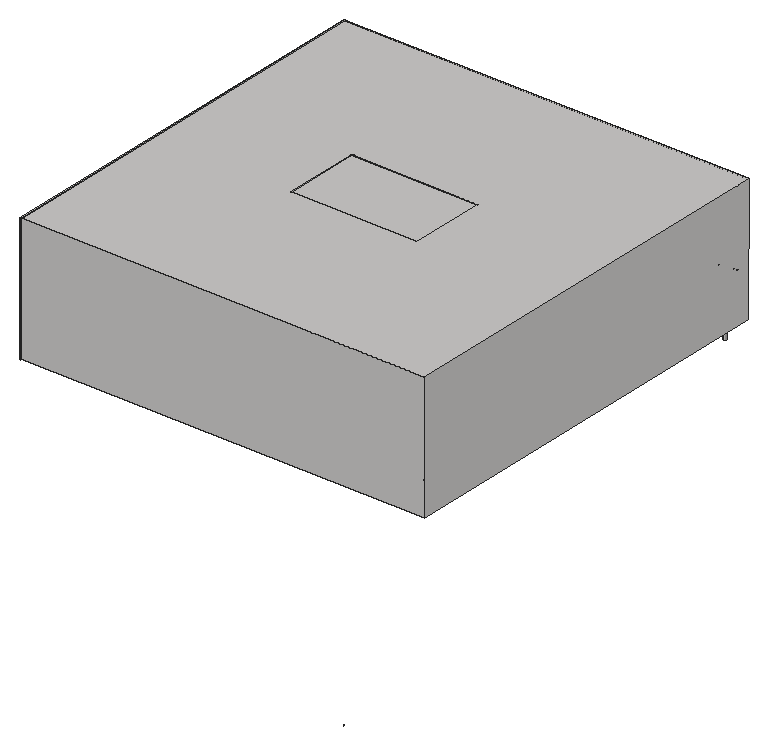
Revit family "QF_ELECTROLUXPROFESSIONAL_640279_VAP1616", category Attrezzature speciali, Revit 2021
Family settings
  Quota connettore circolare = Usa diametro
  Tipo di parte = Normale
  Basato su piano di lavoro = No
  Sempre verticale = Sì
  Taglio con vuoti quando caricato = No
  Condiviso = No
  Punto di calcolo locali = No
Parameters (values of type "Standard")
  Weight = 74.00 kg
  Watts = 0 W
  Volts = 0 V
  URL Manufacturer = "https://www.electroluxprofessional.com/"
  URL = "https://www.electroluxprofessional.com/"
  Steam Supply Size = 0 mm
  Steam Supply Minimum Pressure = 0.0 Pa
  Steam Supply Maximum Pressure = 0.0 Pa
  Steam Consumption per Hour = 0
  Refrigeration Suction Line Size = 0 mm
  Refrigeration Liquid Line Size = 0 mm
  Refrigerant Compressor Remote = yes
  Prospetto di default = 0 mm
  Produttore = "Electrolux Professional"
  Phase = 0
  Modello = "VAP1616"
  Length Actual = 1600 mm  # constant formula
  Item Number = "640279"
  Hot Water Size = 0 mm
  Height Actual = 500 mm  # constant formula
  HP = "0 HP"
  Gas Size = 0 mm
  Gas KW = 0
  Gas Input Pressure = 0 W
  Direct Waste Size = 0 mm
  Descrizione = "304 S/S WALL HOOD+DOUBLE FILTERS 160X160 CM"
  Depth Actual = 1600 mm  # constant formula
  Cycle = 0 Hz
  Condensate Return Size = 0 mm
  Compressed Air Volume = 0.0 L/s
  Compressed Air Size = 0 mm
  Compressed Air Pressure = 0.0 Pa
  Cold Water Size = 0 mm
  Accessory = yes
Reference planes
  plane 1: z = 0
  plane 2 "Center (Left/Right)": x = 150
  plane 3 "LEFT": x = -650
  plane 4 "RIGHT": x = 950
  plane 5 "BACK": y = 550
  plane 6 "TOP": z = 2500
  plane 7 "Base": z = 2000
  plane 8: z = 1970
  plane 9 "DrainY": y = 450
  plane 10: x = -647
  plane 11 "DrainX": x = 937
  plane 12 "AOLeft2": x = 400
  plane 13: x = 947
  plane 14: x = -450
  plane 15: x = 750
  plane 16: x = 50
  plane 17: x = 250
  plane 18 "Center (Front/Back)": y = -250
  plane 19 "Front": y = -1050
  plane 20 "AOLeft1": x = -100
  plane 21: through (0, 550, 2133.855) normal (0, 0.5299, 0.848)
  plane 22: through (0, -1050, 2133.855) normal (0, 0.5299, -0.848)
  plane 23: y = -100
  plane 24: y = -400
Forms (mm)
  Extrusion 1, solid, material "QF_Finishes_Stainless Steel"
    sketch origin (-650, 0, 360) x (0, 1, 0) y (0, 0, 1)
      loop
        line (550, 1640) -> (550, 2140) -> (-1050, 2140) -> (-1050, 1640) -> (550, 1640)
    from 0 to 3
  Extrusion 2, solid, material "QF_Finishes_Stainless Steel"
    sketch origin (950, 0, 360) x (0, 1, 0) y (0, 0, 1)
      loop
        line (550, 1640) -> (550, 2140) -> (-1050, 2140) -> (-1050, 1640) -> (550, 1640)
    from 0 to -3
  Extrusion 3, solid, material "QF_Finishes_Stainless Steel"
    sketch origin (150, 0, 360) x (0, 1, 0) y (0, 0, 1)
      loop
        line (-1050, 2140) -> (-1050, 1640) -> (-1040, 1640) -> (-1040, 1640.8) -> (-1049.2, 1640.8) -> (-1049.2, 2139.19) -> (549.2, 2139.19) -> (549.2, 1640.8) -> (540, 1640.8) -> (540, 1640) -> (550, 1640) -> (550, 2140) -> (-1050, 2140)
    from -800 to 800
  Extrusion 4, solid, material "QF_Finishes_Stainless Steel"
    sketch origin (0, 0, 2000) x (0, 1, 0) y (-1, 0, 0)
      loop
        circle (450, -937) r 4.763
    from -30 to 0
  Extrusion 5, void
    sketch origin (0, 400, 2500) x (0, 1, 0) y (-1, 0, 0)
      loop
        line (-500, -400) -> (-500, 100) -> (-800, 100) -> (-800, -400) -> (-500, -400)
    from 0 to -10
  Extrusion 6, solid, material "QF_Finishes_Stainless Steel"
    sketch origin (0, 0, 0) x (1, 0, 0) y (0, 1, 0)
      loop
        line (-650, 550) -> (-650, 549) -> (-649, 549) -> (-649, 550) -> (-650, 550)
    from 0 to 1
  Extrusion 7, solid, material "QF_Finishes_Stainless Steel"
    sketch origin (150, 0, 360) x (0, 1, 0) y (0, 0, 1)
      loop
        line (503.5, 1837.574) -> (207.375, 2022.621) -> (192.198, 1998.364) -> (488.366, 1813.348) -> (503.5, 1837.574)
      loop
        line (-1003.5, 1837.574) -> (-988.366, 1813.348) -> (-692.198, 1998.364) -> (-707.375, 2022.621) -> (-1003.5, 1837.574)
    from -600 to -797
  Extrusion 8, solid, material "QF_Finishes_Stainless Steel"
    sketch origin (150, 0, 360) x (0, 1, 0) y (0, 0, 1)
      loop
        line (549.2, 1775.312) -> (472.742, 1823.075) -> (472.313, 1822.387) -> (549.2, 1774.355) -> (549.2, 1775.312)
      loop
        line (202.48, 1991.938) -> (126.212, 2039.602) -> (-626.212, 2039.602) -> (-702.48, 1991.938) -> (-702.062, 1991.27) -> (-626, 2038.801) -> (126, 2038.801) -> (202.063, 1991.27) -> (202.48, 1991.938)
      loop
        line (-1049.2, 1775.312) -> (-1049.2, 1774.355) -> (-972.312, 1822.387) -> (-972.742, 1823.075) -> (-1049.2, 1775.312)
    from -797 to 797
  Extrusion 9, solid, material "QF_Finishes_Stainless Steel"
    sketch origin (150, 0, 360) x (0, 1, 0) y (0, 0, 1)
      loop
        line (-707.375, 2022.621) -> (-1003.5, 1837.574) -> (-988.366, 1813.348) -> (-692.198, 1998.364) -> (-707.375, 2022.621)
      loop
        line (503.5, 1837.574) -> (207.375, 2022.621) -> (192.198, 1998.364) -> (488.366, 1813.348) -> (503.5, 1837.574)
    from 797 to 600
  Extrusion 10, solid, material "QF_Finishes_Stainless Steel"
    sketch origin (150, 0, 360) x (0, 1, 0) y (0, 0, 1)
      loop
        line (-707.375, 2022.621) -> (-1003.5, 1837.574) -> (-988.366, 1813.348) -> (-692.198, 1998.364) -> (-707.375, 2022.621)
      loop
        line (503.5, 1837.574) -> (207.375, 2022.621) -> (192.198, 1998.364) -> (488.366, 1813.348) -> (503.5, 1837.574)
    from -100 to 100
  Extrusion 11, solid, material "QF_Finished_Chrome"
    sketch origin (150, 0, 360) x (0, 1, 0) y (0, 0, 1)
      loop
        line (503.5, 1837.574) -> (207.375, 2022.621) -> (192.198, 1998.364) -> (488.366, 1813.348) -> (503.5, 1837.574)
      loop
        line (-707.375, 2022.621) -> (-1003.5, 1837.574) -> (-988.366, 1813.348) -> (-692.198, 1998.364) -> (-707.375, 2022.621)
    from -600 to -100
  Extrusion 12, solid, material "QF_Finished_Chrome"
    sketch origin (150, 0, 360) x (0, 1, 0) y (0, 0, 1)
      loop
        line (-707.375, 2022.621) -> (-1003.5, 1837.574) -> (-988.366, 1813.348) -> (-692.198, 1998.364) -> (-707.375, 2022.621)
      loop
        line (503.5, 1837.574) -> (207.375, 2022.621) -> (192.198, 1998.364) -> (488.366, 1813.348) -> (503.5, 1837.574)
    from 100 to 600
  Sweep 13, solid, material "QF_Finishes_Stainless Steel"
    path origin (0, 0, 0) x (1, 0, 0) y (0, 1, 0)
      loop
        line (950, 550) -> (-650, 550) -> (-650, -1050) -> (950, -1050) -> (950, 550)
    profile origin (950, -250, 0) x (1, 0, 0) y (0, 0, 1)
      loop
        line (-3, 2000) -> (-3, 2000.8) -> (-19, 2000.8) -> (-19, 2010) -> (-20, 2010) -> (-20, 2000) -> (-3, 2000)
Cuts and joins
  Extrusion 5 cuts Extrusion 3
  joined: Extrusion 2, Extrusion 3, Sweep 13
Lines and regions (mm)
  symbolic lines, style "SpecialityEquipment", detail levels coarse
    curve 1: line (950, 550, 2500) -> (-650, 550, 2500)
    curve 2: line (-650, 550, 2500) -> (-650, -1050.8, 2500)
    curve 3: line (950, -1050.8, 2500) -> (950, 550, 2500)
    curve 4: line (-650, 550, 0) -> (950, -1050, 0)
    curve 5: line (950, 550, 0) -> (-650, -1050, 0)
  symbolic lines, detail levels coarse
    curve 6: line (-650, -1050, 0) -> (950, -1050, 0)
    curve 7: line (-100, -100, 0) -> (400, -100, 0)
    curve 8: line (-100, -400, 0) -> (-100, -100, 0)
    curve 9: line (400, -400, 0) -> (-100, -400, 0)
    curve 10: line (400, -100, 0) -> (400, -400, 0)
Dimensions and locks
  plane 3 "LEFT" to plane 4 "RIGHT" = 1600 mm
  equal spacing: plane 3 "LEFT", plane 2 "Center (Left/Right)", plane 4 "RIGHT"
  plane 7 "Base" to plane 8 = 30 mm
  plane 5 "BACK" to plane 9 "DrainY" = 100 mm  (x2)
  plane 3 "LEFT" to plane 10 = 3 mm
  plane 11 "DrainX" to plane 4 "RIGHT" = 13 mm
  plane 13 to plane 4 "RIGHT" = 3 mm
  plane 3 "LEFT" to plane 14 = 200 mm
  plane 15 to plane 4 "RIGHT" = 200 mm
  locked: plane 7 "Base" to level at 2000
  locked: plane 6 "TOP" to plane 7 "Base" at 500
  locked: plane 16 to plane 17 at 200
  equal spacing: plane 16, plane 2 "Center (Left/Right)", plane 17
  plane 5 "BACK" to plane 19 "Front" = 1600 mm  (x2)
  equal spacing: plane 5 "BACK", plane 18 "Center (Front/Back)", plane 19 "Front"
  locked: plane 23 to plane 24 at 300
  equal spacing: plane 23, plane 18 "Center (Front/Back)", plane 24
  locked: plane 20 "AOLeft1" to plane 12 "AOLeft2" at 500
  equal spacing: plane 20 "AOLeft1", plane 2 "Center (Left/Right)", plane 12 "AOLeft2"
  aligned and locked: level to plane 1
  aligned and locked: plane 4 "RIGHT" to Extrusion 3
  aligned and locked: Extrusion 3 to plane 3 "LEFT"
  aligned and locked: Extrusion 7 to plane 10
  aligned and locked: Extrusion 7 to plane 14
  aligned and locked: Extrusion 2 to plane 13
  aligned and locked: plane 13 to Extrusion 9
  aligned and locked: plane 15 to Extrusion 9
  aligned and locked: Extrusion 10 to plane 17
  aligned and locked: Extrusion 10 to plane 16
  aligned and locked: Extrusion 11 to plane 16
  aligned and locked: Extrusion 11 to plane 14
  aligned and locked: Extrusion 12 to plane 17
  aligned and locked: Extrusion 12 to plane 15
  aligned and locked: Extrusion 8 to plane 10
  aligned and locked: Extrusion 8 to plane 13
  aligned and locked: Extrusion 1 to plane 19 "Front"
  aligned and locked: Extrusion 5 to plane 20 "AOLeft1"
  aligned and locked: Extrusion 5 to plane 12 "AOLeft2"
  aligned and locked: plane 23 to Extrusion 5 sketch curve
  aligned and locked: Extrusion 5 sketch curve to plane 24
Automatic sketch dimensions
  curve 2 to plane 3 "LEFT" = 0 mm
  curve 3 to plane 4 "RIGHT" = 0 mm
  curve 2 to plane 5 "BACK" = 0 mm
  curve 3 to plane 19 "Front" = 0.8 mm
  curve 2 to plane 19 "Front" = 0.8 mm
  Extrusion 1 sketch curve to plane 7 "Base" = 0 mm
  Extrusion 1 sketch curve to plane 19 "Front" = 0 mm
  Extrusion 1 sketch curve to plane 5 "BACK" = 0 mm
  Extrusion 1 sketch curve to plane 6 "TOP" = 0 mm
  Extrusion 2 sketch curve to plane 7 "Base" = 0 mm
  Extrusion 2 sketch curve to plane 19 "Front" = 0 mm
  Extrusion 2 sketch curve to plane 5 "BACK" = 0 mm
  Extrusion 2 sketch curve to plane 6 "TOP" = 0 mm
  Extrusion 3 sketch curve to plane 6 "TOP" = 0 mm
  Extrusion 3 sketch curve to plane 19 "Front" = 0 mm
  Extrusion 3 sketch curve to plane 7 "Base" = 0 mm  (x2)
  Extrusion 3 sketch curve to plane 5 "BACK" = 0 mm
  plane 19 "Front" to Extrusion 3 sketch curve = 0.8 mm
  Extrusion 3 sketch curve to Extrusion 3 sketch curve = 9.2 mm
  plane 7 "Base" to Extrusion 3 sketch curve = 0.8 mm  (x2)
  Extrusion 3 sketch curve to plane 5 "BACK" = 10 mm
  Extrusion 3 sketch curve to plane 5 "BACK" = 0.8 mm
  Extrusion 3 sketch curve to plane 6 "TOP" = 0.81 mm
  Extrusion 4 sketch curve to plane 9 "DrainY" = 0 mm
  Extrusion 4 sketch curve to plane 11 "DrainX" = 0 mm
  Extrusion 5 sketch curve to plane 12 "AOLeft2" = 0 mm
  Extrusion 5 sketch curve to plane 20 "AOLeft1" = 0 mm
  Extrusion 6 sketch curve to plane 3 "LEFT" = 0 mm
  Extrusion 6 sketch curve to plane 5 "BACK" = 0 mm
  plane 3 "LEFT" to Extrusion 6 sketch curve = 1 mm
  Extrusion 6 sketch curve to Extrusion 6 sketch curve = 1 mm
  Sweep 13 sketch curve to plane 3 "LEFT" = 0 mm
  Sweep 13 sketch curve to plane 4 "RIGHT" = 0 mm
  Sweep 13 sketch curve to plane 19 "Front" = 0 mm
  Sweep 13 sketch curve to plane 5 "BACK" = 0 mm
  profile plane to Sweep 13 sketch curve = 20 mm
  Sweep 13 sketch curve to Sweep 13 sketch curve = 1 mm
  profile plane to Sweep 13 sketch curve = 3 mm
  level to Sweep 13 sketch curve = 2000 mm
  Sweep 13 sketch curve to Sweep 13 sketch curve = 0.8 mm
  Sweep 13 sketch curve to Sweep 13 sketch curve = 9.2 mm
  plane 19 "Front" to Extrusion 8 sketch curve = 0.8 mm
  Extrusion 8 sketch curve to Extrusion 8 sketch curve = 0.43 mm  (x2)
  Extrusion 8 sketch curve to Extrusion 8 sketch curve = 0.418 mm  (x2)
  Extrusion 8 sketch curve to plane 9 "DrainY" = 324 mm
  Extrusion 8 sketch curve to plane 6 "TOP" = 100.398 mm
  Extrusion 8 sketch curve to Extrusion 8 sketch curve = 0.212 mm  (x2)
  Extrusion 8 sketch curve to Extrusion 8 sketch curve = 76.063 mm
  Extrusion 8 sketch curve to plane 6 "TOP" = 148.062 mm
  plane 9 "DrainY" to Extrusion 8 sketch curve = 22.313 mm
  Extrusion 8 sketch curve to plane 5 "BACK" = 0.8 mm
  plane 7 "Base" to Extrusion 8 sketch curve = 134.355 mm  (x2)
  Extrusion 8 sketch curve to Extrusion 8 sketch curve = 0.957 mm  (x2)
  Extrusion 8 sketch curve to Extrusion 8 sketch curve = 0.669 mm
  Extrusion 8 sketch curve to Extrusion 8 sketch curve = 76.268 mm
  Extrusion 8 sketch curve to Extrusion 8 sketch curve = 0.801 mm
  Extrusion 7 sketch curve to plane 9 "DrainY" = 257.802 mm
  Extrusion 7 sketch curve to plane 6 "TOP" = 117.379 mm
  Extrusion 7 sketch curve to Extrusion 7 sketch curve = 15.177 mm  (x2)
  plane 9 "DrainY" to Extrusion 7 sketch curve = 38.366 mm
  Extrusion 7 sketch curve to Extrusion 7 sketch curve = 15.134 mm
  plane 7 "Base" to Extrusion 7 sketch curve = 173.348 mm  (x2)
  Extrusion 7 sketch curve to Extrusion 7 sketch curve = 24.226 mm  (x2)
  Extrusion 7 sketch curve to Extrusion 7 sketch curve = 24.257 mm
  Extrusion 11 sketch curve to plane 5 "BACK" = 46.5 mm
  plane 7 "Base" to Extrusion 11 sketch curve = 197.574 mm
  Extrusion 11 sketch curve to Extrusion 11 sketch curve = 15.134 mm  (x2)
  Extrusion 11 sketch curve to plane 6 "TOP" = 117.379 mm
  Extrusion 11 sketch curve to Extrusion 11 sketch curve = 24.226 mm  (x2)
  Extrusion 11 sketch curve to Extrusion 11 sketch curve = 15.177 mm  (x2)
  Extrusion 11 sketch curve to Extrusion 11 sketch curve = 24.257 mm  (x2)
  Extrusion 11 sketch curve to plane 6 "TOP" = 141.636 mm
  Extrusion 10 sketch curve to plane 6 "TOP" = 117.379 mm  (x2)
  Extrusion 10 sketch curve to Extrusion 10 sketch curve = 24.257 mm  (x2)
  Extrusion 10 sketch curve to Extrusion 10 sketch curve = 24.226 mm  (x2)
  Extrusion 10 sketch curve to Extrusion 10 sketch curve = 15.177 mm  (x2)
  plane 9 "DrainY" to Extrusion 10 sketch curve = 38.366 mm
  Extrusion 10 sketch curve to Extrusion 10 sketch curve = 15.134 mm  (x2)
  plane 7 "Base" to Extrusion 10 sketch curve = 173.348 mm
  Extrusion 12 sketch curve to plane 6 "TOP" = 117.379 mm
  Extrusion 12 sketch curve to Extrusion 12 sketch curve = 15.177 mm  (x2)
  Extrusion 12 sketch curve to Extrusion 12 sketch curve = 24.257 mm  (x2)
  Extrusion 12 sketch curve to plane 6 "TOP" = 141.636 mm
  plane 7 "Base" to Extrusion 12 sketch curve = 197.574 mm  (x2)
  Extrusion 12 sketch curve to plane 9 "DrainY" = 257.802 mm
  plane 9 "DrainY" to Extrusion 12 sketch curve = 38.366 mm
  Extrusion 12 sketch curve to Extrusion 12 sketch curve = 15.134 mm  (x2)
  Extrusion 9 sketch curve to plane 6 "TOP" = 117.379 mm  (x2)
  Extrusion 9 sketch curve to Extrusion 9 sketch curve = 24.257 mm  (x2)
  Extrusion 9 sketch curve to Extrusion 9 sketch curve = 24.226 mm  (x2)
  Extrusion 9 sketch curve to plane 5 "BACK" = 46.5 mm
  plane 7 "Base" to Extrusion 9 sketch curve = 197.574 mm
  Extrusion 9 sketch curve to Extrusion 9 sketch curve = 15.134 mm  (x2)
  Extrusion 9 sketch curve to Extrusion 9 sketch curve = 15.177 mm  (x2)
  Extrusion 7 sketch curve to plane 6 "TOP" = 141.636 mm
  plane 19 "Front" to Extrusion 7 sketch curve = 357.802 mm
  plane 19 "Front" to Extrusion 7 sketch curve = 61.634 mm
  plane 19 "Front" to Extrusion 8 sketch curve = 77.258 mm
  Extrusion 8 sketch curve to Extrusion 8 sketch curve = 270.262 mm
  plane 19 "Front" to Extrusion 9 sketch curve = 357.802 mm
  plane 19 "Front" to Extrusion 9 sketch curve = 61.634 mm
  plane 19 "Front" to Extrusion 10 sketch curve = 357.802 mm
  plane 19 "Front" to Extrusion 10 sketch curve = 61.634 mm
  plane 19 "Front" to Extrusion 11 sketch curve = 357.802 mm
  plane 19 "Front" to Extrusion 11 sketch curve = 61.634 mm
  plane 19 "Front" to Extrusion 12 sketch curve = 357.802 mm
  plane 19 "Front" to Extrusion 12 sketch curve = 61.634 mm
  curve 6 to plane 3 "LEFT" = 0 mm
  curve 4 to plane 3 "LEFT" = 0 mm
  curve 9 to plane 20 "AOLeft1" = 0 mm
  curve 10 to plane 12 "AOLeft2" = 0 mm
  curve 4 to plane 4 "RIGHT" = 0 mm
  curve 5 to plane 4 "RIGHT" = 0 mm
  curve 4 to plane 19 "Front" = 0 mm
  curve 9 to plane 24 = 0 mm
  curve 8 to plane 23 = 0 mm
  curve 4 to plane 5 "BACK" = 0 mm
  curve 5 to plane 5 "BACK" = 0 mm
  radius of Extrusion 4 sketch curve = 4.763 mm
Connectors
  piping at (937, 450, 1970), diameter 9.5
    settings: on Extrusion 4, index 1, connector inside diameter 609.6 mm, connector length 0 mm, flow factor 0, pipe flow 0.0 L/s, pressure drop 0.0 Pa, fitting loss kfactor 0, connector angle 0.00°, fixture units 0, engagement length 0 mm, angle of deflection 0.00°, flow configuration 1, flow direction 2, fitting loss method 0, system type 16, joint type 0, gender type 0, connector reference index -1, connector utility 0, adjustable connector no, is connector primary yes, connector description "Drain"
  hvac at (150, -250, 2500)
    settings: on Extrusion 5, index 2, duct flow 0.0 L/s, flow factor 0, pres drop 0.0 Pa, loss coef 0, conn angle 0.00°, conn width 300 mm, conn height 500 mm, conn diameter 609.6 mm, duct sys type 3, conn prof type 1, flow config 1, flow direction 2, loss method 0, conn ref index -1, conn util no, is conn primary yes, conn desc "EXHAUST OUTLET"
